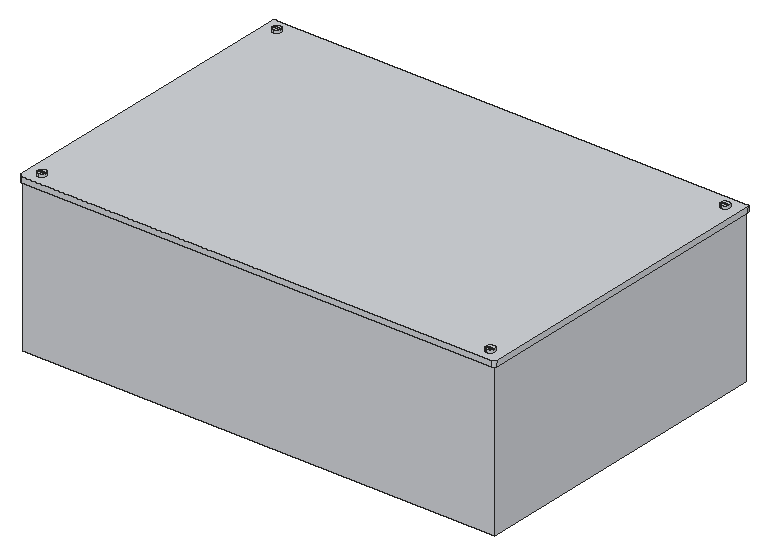
Revit family "AB17G", category Generic Models, Revit 2017
Family settings
  Can host rebar = No
  Round Connector Dimension = Use Diameter
  Part Type = Normal
  Work Plane-Based = Yes
  Always vertical = No
  Cut with Voids When Loaded = No
  Shared = No
  Room Calculation Point = No
Parameters (values of type "NBS Standard Parameters")
  Weight = "1.075Kg"
  WarrantyStartDate [instance] = "1900-12-31T23:59:59"
  WarrantyGuarantorParts = "n/a"
  WarrantyGuarantorLabor = "n/a"
  WarrantyDurationUnit = "1 year"
  WarrantyDurationParts = "n/a"
  WarrantyDurationLabor = "n/a"
  WarrantyDescription = "n/a"
  Version = "1"
  Uniclass2 = "Pr_65_52_01_86"
  TagNumber [instance] = "n/a"
  SustainabilityPerformance = "n/a"
  Size = "225 X 150 X 75mm ( 9 X 6 X 3\")"
  Shape = "Rectangular"
  SerialNumber [instance] = "n/a"
  Revision = "n/a"
  ReplacementCost = "n/a"
  ProductInformation = "www.metpro.co.uk/pdf/ab17g.pdf"
  NominalWidth = 225 mm
  NominalLength = 150 mm
  NominalHeight = 75 mm
  Name = ""
  NBSTypeID = ""
  NBSReference = "45-35-00/340"
  NBSOfficeMasterTag = ""
  NBSNote = ""
  NBSDescription = "Surface Boxes"
  NBSCertification = ""
  ModelReference = "AB17G"
  ModelNumber = "n/a"
  Material = "Galvanised Steel Sheet"
  ManufacturerURL = "www.metpro.co.uk"
  ManufacturerName = "Metpro Ltd"
  Keynote = "Compliant to LU standard 1-085"
  InstallationDate [instance] = "1900-12-31T23:59:59"
  IfcExportType = ""
  IfcExportAs = ""
  Grade = "n/a"
  Finish = "Pre Galvanised Sheet Steel"
  Features = "n/a"
  ExpectedLife = "n/a"
  DurationUnit = "year"
  Description = "AB17G - 225 X 150 X 75mm ( 9 X 6 X 3\") Adaptable Box  - Plain"
  Default Elevation = 1219.2 mm
  Constituents = "n/a"
  Color = "n/a"
  CodePerformance = "n/a"
  Category = "n/a"
  BarCode [instance] = "n/a"
  BIMObjectName = "Metpro_metprolibrary_surfacebox_Adaptableboxes_plainsided"
  Author = "Metpro Limited"
  AssetType = ""
  AssetIdentifier [instance] = "n/a"
  AccessibilityPerformance = "n/a"
Reference planes
  plane 1 "Center (Front/Back)": y = 0
  plane 2: z = 0
  plane 3 "Center (Left/Right)": x = 0
Forms (mm)
  Extrusion 1, solid
    sketch origin (30.534, -291.881, 130.286) x (0, -1, 0) y (1, 0, 0)
      loop
        line (-2.199, -230) -> (-2.199, -5) -> (-152.199, -5) -> (-152.199, -230) -> (-2.199, -230)
    from 0 to 72.5
  Extrusion 2, solid
    sketch origin (30.534, -291.881, 202.786) x (0, -1, 0) y (1, 0, 0)
      loop
        line (-151.75, -231) -> (-2.599, -231)
        arc (-2.599, -231) -> (-1.609, -230.59) -> (-1.199, -229.6) r 1.4
        line (-1.199, -229.6) -> (-1.199, -5.4)
        arc (-1.199, -5.4) -> (-1.609, -4.41) -> (-2.599, -4) r 1.4
        line (-2.599, -4) -> (-151.799, -4)
        arc (-151.799, -4) -> (-152.789, -4.41) -> (-153.199, -5.4) r 1.4
        line (-153.199, -5.4) -> (-153.199, -229.551)
        arc (-153.199, -229.551) -> (-152.774, -230.576) -> (-151.75, -231) r 1.449
    from 0 to 2.5
  Extrusion 3, solid
    sketch origin (30.534, -291.881, 205.286) x (0, -1, 0) y (1, 0, 0)
      loop
        circle (-147.199, -224.75) r 2
      loop
        circle (-7.199, -224.75) r 2
      loop
        circle (-147.199, -11) r 2
      loop
        circle (-7.199, -11) r 2
    from 0 to 1
  Extrusion 4, void
    sketch origin (30.534, -291.881, 206.286) x (1, 0, 0) y (0, -1, 0)
      loop
        line (-230, -146.644) -> (-230, -147.685) -> (-216.945, -147.685) -> (-216.945, -146.644) -> (-230, -146.644)
      loop
        line (-230, -6.678) -> (-230, -7.678) -> (-216.945, -7.678) -> (-216.945, -6.678) -> (-230, -6.678)
      loop
        line (-16, -146.826) -> (-16, -147.661) -> (-6.823, -147.661) -> (-6.823, -146.826) -> (-16, -146.826)
      loop
        line (-16, -6.516) -> (-16, -7.511) -> (-5.123, -7.511) -> (-5.123, -6.516) -> (-16, -6.516)
    from 0 to 0.5
Cuts and joins
  Extrusion 4 cuts Extrusion 3
Dimensions and locks
  aligned and locked: level to plane 2
